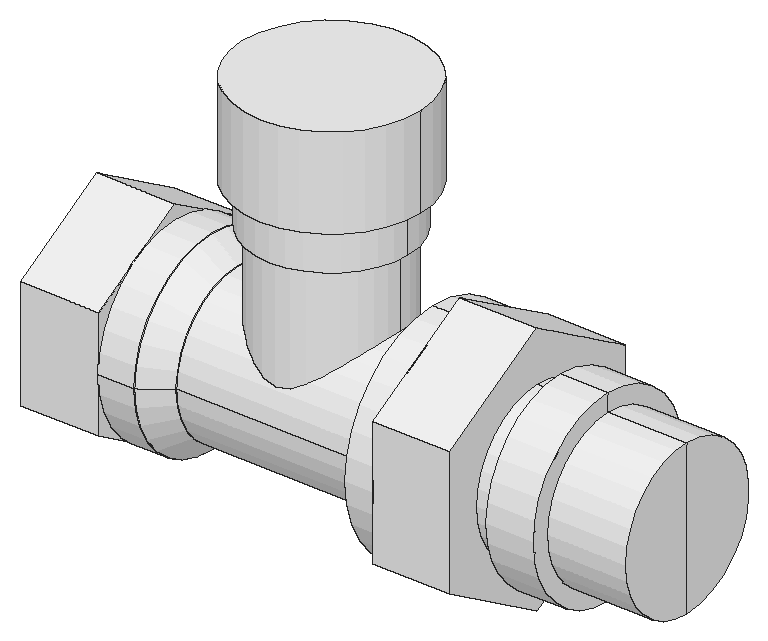
Revit family "1RLV-CX_Straight_DN15_RFA", category Pipe Accessories, Revit 2019
Family settings
  Round Connector Dimension = Use Diameter
  Part Type = Valve - Breaks Into
  OmniClass Number = 23.65.55.14.17
  OmniClass Title = Adjusting/Controlling Valves for Liquid Services
  Work Plane-Based = No
  Always vertical = Yes
  Cut with Voids When Loaded = No
  Shared = No
Parameters (values of type "RLV-CX_Straight_DN15_003L0274")
  X5 = -10.50 mm
  X2 = 39.20 mm
  X1__ve = -X1  # -10.67 mm
  X1 = 10.67 mm
  X = 11.50 mm
  Weight = 0.25 kg
  W2D = 10.00 mm
  W [instance] = 29.999 mm
  Valve Body Material = Danfoss Brass (Chrome plated)
  URL = "https://store.danfoss.com/en/Climate-Solutions-for-heating/Radiator-Thermostats/Lockshield-Valves/Lockshield-valves/c/6169?q=%3Arelevance%3Adanfoss_producttypehierarchydesc%3ARLV-CX&text="
  T2 = 5.70 mm
  S22 = 17.32 mm
  S11 = 15.13 mm
  R_thread1 = 15.00 mm
  RV1 = 10.47 mm
  RD5 = D5 / 2  # 10.50 mm
  RD2 = 9.50 mm
  RB = 15.00 mm
  R2 = 12.17 mm
  Pressure Drop [instance] = 0.0 Pa
  Model Type = "RLV-CX_Straight_DN15"
  Model = "003L0274"
  Max Operating Pressure = "10 bar"  # constant formula
  Max Medium Temperature = "120 ˚C"  # constant formula
  Manufacturer = "Danfoss"  # constant formula
  LOD 350 = not(LOD 200)  # yes
  LOD 200 = no
  LL2 = LL + LL1  # 60.10 mm
  LL1 = 28.10 mm
  LL = 32.00 mm
  L5 = 13.84 mm
  L4 = 3.53 mm
  L3 = 5.00 mm
  L2 = 20.50 mm
  L [instance] = 80.60 mm
  Kvs = 2.5 m³/h
  IfcExportType = "RLV-CX"  # constant formula
  IfcExportAs = "IfcValveType"  # constant formula
  HT = 38.20 mm
  H2 = 20.00 mm
  H [instance] = 55.52 mm
  Flow [instance] = 0.0 m³/h
  Description = "Lockshield Valve"  # constant formula
  D6 = 26.50 mm
  D5 = 21.00 mm
  D4 = 21.00 mm
  D2 = 19.00 mm
  D1 = 0.00 mm
  D = 15.00 mm
  CenSd_S22_6 = S22 * cos(30.00°)  # 15.00 mm
  CenSd_S11_6 = S11 * cos(30.00°)  # 13.103 mm
Reference planes
  plane 1 "Center (Front/Back)": y = 0
  plane 2 "XYPLANE": z = 0
  plane 3 "Center (Left/Right)": x = 0
  plane 4 "40": x = -21.33
  plane 5 "39": x = 0
  plane 6 "38": x = -32
  plane 7 "37": x = 28.1
  plane 8 "36": y = 0
  plane 9 "35": z = 0
  plane 10 "34": z = 20
  plane 11 "33": z = 25.7
  plane 12: x = 48.6
  plane 13: z = 38.2
  plane 14: x = -16.33
  plane 15: x = 13.84
Forms (mm)
  Extrusion 1, solid, material "Danfoss Brass (Chrome plated)" <- "Valve Body Material", visible <- "LOD 350", detail levels fine
    sketch origin (-750, 0, 0) x (1, 0, 0) y (0, 1, 0)
      loop
        circle (750, 0) r 9.5
    from 0 to 20 <- "H2"
  Extrusion 2, solid, material "Danfoss Brass (Chrome plated)" <- "Valve Body Material", visible <- "LOD 350", detail levels fine
    sketch origin (-21.33, -750, 0) x (0, 1, 0) y (0, 0, 1)
      loop
        circle (750, 0) r 10.5
    from 8.53 to 35.17
  Extrusion 3, solid, material "Danfoss Brass (Chrome plated)" <- "Valve Body Material", visible <- "LOD 350", detail levels fine
    sketch origin (28.1, -750, 0) x (0, 1, 0) y (0, 0, 1)
      loop
        line (750, 17.32) -> (735, 8.66) -> (735, -8.66) -> (750, -17.32) -> (765, -8.66) -> (765, 8.66) -> (750, 17.32)
    from 0 to -10.5 <- "X5"
  Extrusion 4, solid, material "Danfoss Brass (Chrome plated)" <- "Valve Body Material", visible <- "LOD 350", detail levels fine
    sketch origin (-32, -750, 0) x (0, 1, 0) y (0, 0, 1)
      loop
        line (750, 15.13) -> (736.897, 7.565) -> (736.897, -7.565) -> (750, -15.13) -> (763.103, -7.565) -> (763.103, 7.565) -> (750, 15.13)
    from 0 to 10.67 <- "X1"
  Extrusion 5, solid, material "Danfoss Brass (Chrome plated)" <- "Valve Body Material", visible <- "LOD 350", detail levels fine
    sketch origin (-750, 0, 20) x (1, 0, 0) y (0, 1, 0)
      loop
        circle (750, 0) r 10.5
    from 0 to 5.7 <- "T2"
  Extrusion 6, solid, material "Danfoss Brass (Chrome plated)" <- "Valve Body Material", visible <- "LOD 350", detail levels fine
    sketch origin (-750, 0, 25.7) x (1, 0, 0) y (0, 1, 0)
      loop
        circle (750, 0) r 12.17
    from 12.5 to 0
  Extrusion 7, solid, material "Danfoss Brass (Chrome plated)" <- "Valve Body Material", visible <- "LOD 200", detail levels fine
    sketch origin (28.1, -750, 0) x (0, 1, 0) y (0, 0, 1)
      loop
        circle (750, 0) r 10
    from 0 to -10
  Revolve 8, solid, material "Danfoss Brass (Chrome plated)" <- "Valve Body Material", detail levels fine
    sketch origin (0, 0, 0) x (1, 0, 0) y (0, 0, 1)
      loop
        line (28.1, 0) -> (48.6, 0) -> (48.6, 10.47) -> (28.1, 10.47) -> (28.1, 0)
      axis (28.1, 0) -> (48.6, 0)
    angle from 0 to 360
  Revolve 9, solid, material "Danfoss Brass (Chrome plated)" <- "Valve Body Material", visible <- "LOD 350", detail levels fine
    sketch origin (0, 0, 0) x (1, 0, 0) y (0, 0, 1)
      loop
        line (13.844, 0) -> (17.6, 0) -> (17.6, 15) -> (13.844, 15) -> (13.844, 0)
      axis (13.844, 0) -> (17.6, 0)
    angle from 0 to 360
  Extrusion 10, solid, material "Danfoss Brass (Chrome plated)" <- "Valve Body Material", visible <- "LOD 350", detail levels fine
    sketch origin (0, 0, 0) x (0, 1, 0) y (0, 0, 1)
      loop
        circle (0, 0) r 13.25
    from -21.33 to -16.33
  Blend 11, solid, material "Danfoss Brass (Chrome plated)" <- "Valve Body Material", visible <- "LOD 350", detail levels fine
    base sketch origin (0, 0, 0) x (0, 1, 0) y (0, 0, 1)
      loop
        circle (0, 0) r 13.25
    top sketch origin (0, 0, 0) x (0, 1, 0) y (0, 0, 1)
      loop
        circle (0, 0) r 10.5
    from -16.33 to -12.8
  Revolve 12, solid, material "Danfoss Brass (Chrome plated)" <- "Valve Body Material", visible <- "LOD 200", detail levels fine
    sketch origin (0, 0, 0) x (1, 0, 0) y (0, 0, 1)
      loop
        line (-32, 0) -> (28.1, 0) -> (28.1, 17.32) -> (17.6, 17.32) -> (17.6, 10.5) -> (-21.33, 10.5) -> (-21.33, 15) -> (-32, 15) -> (-32, 0)
      axis (-32, 0) -> (28.1, 0)
    angle from 0 to 360
  Revolve 13, solid, material "Danfoss Brass (Chrome plated)" <- "Valve Body Material", visible <- "LOD 200", detail levels fine
    sketch origin (0, 0, 0) x (1, 0, 0) y (0, 0, 1)
      loop
        line (0, 38.2) -> (0, 0) -> (9.5, 0) -> (9.5, 20) -> (12.17, 20) -> (12.17, 38.2) -> (0, 38.2)
      axis (0, 38.2) -> (0, 0)
    angle from 0 to 360
  Revolve 14, solid, material "Danfoss Brass (Chrome plated)" <- "Valve Body Material", visible <- "LOD 350", detail levels fine
    sketch origin (0, 0, 0) x (1, 0, 0) y (0, 0, 1)
      loop
        line (31.3, 0) -> (37.8, 0) -> (37.8, 12.751) -> (31.3, 12.751) -> (31.3, 0)
      axis (31.3, 0) -> (37.8, 0)
    angle from 0 to 360
Lines and regions (mm)
  reference lines, not visible
    curve 1: circle (2, 2, 0) r 1 normal (0, 0, 1)
  reference lines
    curve 2: line (28.1, 0, 0) -> (28.1, 5.846, -3.375)
    curve 3: line (28.1, 0, 0) -> (28.1, 0, -6.75)
    curve 4: line (28.1, 0, 0) -> (28.1, -5.846, -3.375)
    curve 5: line (-32, 0, 0) -> (-32, -4.763, -2.75)
    curve 6: line (-32, 0, 0) -> (-32, 0, -5.5)
    curve 7: line (-32, 0, 0) -> (-32, 4.763, -2.75)
Dimensions and locks
  plane 1 "Center (Front/Back)" to curve 1 = 2.00 mm
  "X1": plane 6 "38" to plane 4 "40"
  locked: plane 3 "Center (Left/Right)" to plane 5 "39"
  "LL": plane 3 "Center (Left/Right)" to plane 6 "38"
  "LL1": plane 3 "Center (Left/Right)" to plane 7 "37"
  locked: plane 1 "Center (Front/Back)" to plane 8 "36"
  locked: plane 2 "XYPLANE" to plane 9 "35"
  "H2": plane 2 "XYPLANE" to plane 10 "34"
  "T2": plane 10 "34" to plane 11 "33"
  "CenSd_S22_6": curve 2 to Extrusion 3 sketch curve  (x2)
  "CenSd_S22_6": curve 3 to Extrusion 3 sketch curve  (x2)
  "CenSd_S22_6": curve 4 to Extrusion 3 sketch curve  (x2)
  "CenSd_S11_6": curve 5 to Extrusion 4 sketch curve  (x2)
  "CenSd_S11_6": curve 6 to Extrusion 4 sketch curve  (x2)
  "CenSd_S11_6": curve 7 to Extrusion 4 sketch curve  (x2)
  plane 7 "37" to plane 6 "38" = 60.10 mm
  Extrusion 6 to level = 25.70 mm
  "L2": plane 12 to plane 7 "37"
  "RV1": Revolve 8 sketch curve to level
  "HT": plane 13 to level
  plane 7 "37" to plane 3 "Center (Left/Right)" = 28.10 mm
  Revolve 9 sketch curve to Extrusion 3 = 3.756 mm
  "RB": Revolve 9 sketch curve to level
  "L3": plane 14 to plane 4 "40"
  "L4": plane 14 to Blend 11
  "L5": plane 15 to plane 3 "Center (Left/Right)"
  Revolve 9 to plane 3 "Center (Left/Right)" = 13.844 mm
  "RD5": Revolve 12 sketch curve to Revolve 12 sketch curve
  "R_thread1": Revolve 12 sketch curve to level
  plane 7 "37" to Revolve 9 = 10.50 mm
  "R2": Revolve 13 sketch curve to plane 5 "39"
  "RD2": Revolve 13 sketch curve to plane 5 "39"
  "L": plane 12 to plane 6 "38"
  "H": plane 13 to Extrusion 3
  "W": Extrusion 3 to Extrusion 3
  Revolve 14 sketch curve to level = 12.751 mm
  Revolve 14 sketch curve to plane 7 "37" = 9.70 mm
  "D2": diameter of Extrusion 1 sketch curve
  "D5": diameter of Extrusion 2 sketch curve
  "D4": diameter of Extrusion 5 sketch curve
  "R2": radius of Extrusion 6 sketch curve
  "D6": diameter of Extrusion 10 sketch curve
  "D6": diameter of Blend 11 sketch curve
  "D5": diameter of Blend 11 sketch curve
  locked: curve 3 to curve 2 (angle 60.00°)
  locked: curve 4 to curve 3 (angle 60.00°)
  locked: curve 4 to curve 2 (angle 120.00°)
  locked: curve 6 to curve 5 (angle 60.00°)
  locked: curve 7 to curve 6 (angle 60.00°)
  locked: curve 7 to curve 5 (angle 120.00°)
  aligned and locked: level to plane 2 "XYPLANE"
  aligned and locked: plane 5 "39" to Extrusion 1 sketch curve
  aligned and locked: plane 8 "36" to Extrusion 1 sketch curve
  aligned and locked: Extrusion 2 sketch curve to plane 8 "36"
  aligned and locked: curve 4 to plane 8 "36"
  aligned and locked: plane 9 "35" to curve 4
  aligned and locked: curve 7 to plane 8 "36"
  aligned and locked: plane 9 "35" to curve 7
  aligned and locked: plane 5 "39" to Extrusion 5 sketch curve
  aligned and locked: plane 8 "36" to Extrusion 5 sketch curve
  aligned and locked: plane 5 "39" to Extrusion 6 sketch curve
  aligned and locked: plane 8 "36" to Extrusion 6 sketch curve
  aligned and locked: Extrusion 7 sketch curve to plane 8 "36"
  aligned and locked: plane 9 "35" to Extrusion 7 sketch curve
  aligned and locked: Revolve 8 sketch curve to level  (x2)
  aligned and locked: Revolve 8 sketch curve to plane 7 "37"
  aligned and locked: Revolve 8 sketch curve to plane 12
  aligned and locked: Extrusion 6 to plane 11 "33"
  aligned and locked: plane 13 to Extrusion 6
  aligned and locked: Revolve 9 sketch curve to level  (x2)
  aligned and locked: Extrusion 3 to Revolve 9 sketch curve
  aligned and locked: Extrusion 10 to plane 4 "40"
  aligned and locked: Extrusion 10 to plane 14
  aligned and locked: plane 14 to Blend 11
  aligned and locked: Extrusion 2 to Blend 11
  aligned and locked: plane 15 to Extrusion 2
  aligned and locked: nested 1 to plane 8 "36"
  aligned and locked: nested 1 to plane 6 "38"
  aligned and locked: Revolve 12 sketch curve to level  (x2)
  aligned and locked: Revolve 12 sketch curve to plane 6 "38"
  aligned and locked: Revolve 12 sketch curve to plane 4 "40"
  aligned and locked: Revolve 12 sketch curve to Revolve 9
  aligned and locked: Revolve 12 sketch curve to plane 7 "37"
  aligned and locked: Revolve 12 sketch curve to Extrusion 3
  aligned and locked: Revolve 13 sketch curve to plane 13
  aligned and locked: Revolve 13 sketch curve to plane 5 "39"  (x2)
  aligned and locked: Revolve 13 sketch curve to level
  aligned and locked: Revolve 13 sketch curve to plane 10 "34"
  aligned and locked: Revolve 14 sketch curve to level  (x2)
Automatic sketch dimensions
  plane 1 "Center (Front/Back)" to Extrusion 7 sketch curve = 10.00 mm
  plane 3 "Center (Left/Right)" to curve 1 = 2.00 mm
  plane 7 "37" to Revolve 14 sketch curve = 3.20 mm
  Revolve 14 sketch curve to plane 6 "38" = 1319.99 mm
  plane 12 to Revolve 14 sketch curve = 1850.383 mm
  Extrusion 2 sketch curve to level = 0.00 mm
  Revolve 8 sketch curve to plane 6 "38" = 1324.99 mm
  plane 12 to Revolve 8 sketch curve = 1849.983 mm
  Revolve 9 sketch curve to plane 6 "38" = 1324.99 mm
  plane 12 to Revolve 9 sketch curve = 1850.483 mm
  Extrusion 10 sketch curve to level = 0.00 mm
  Extrusion 10 sketch curve to plane 1 "Center (Front/Back)" = 0.00 mm
  Blend 11 sketch curve to level = 0.00 mm  (x2)
  Blend 11 sketch curve to plane 1 "Center (Front/Back)" = 0.00 mm  (x2)
  Revolve 12 sketch curve to plane 6 "38" = 1318.39 mm
  plane 12 to Revolve 12 sketch curve = 1839.983 mm
  Revolve 13 sketch curve to level = 0.00 mm
  plane 13 to Revolve 13 sketch curve = 9105.00 mm
  radius of curve 1 = 1.00 mm
Nested families
  nested 1: "Schematic_Lockshield Valve_Straight" at (-1.95, 0, 0), type "Schematic_Lockshield Valve_Straight", detail levels coarse+medium
Connectors
  piping at (28.1, 0, 0), diameter 15, driven by "D", driven by "Flow"
    settings: on Extrusion 7, index 2, connector inside diameter 609.6 mm, connector length 0.00 mm, flow factor 0, pipe flow 0.0 m³/h, pressure drop 0.0 Pa, fitting loss kfactor 0, connector angle 0.00°, fixture units 0, engagement length 0.00 mm, angle of deflection 0.00°, flow configuration 0, flow direction 0, fitting loss method 0, system type 29, joint type 0, gender type 0, connector reference index 3, connector utility 0, adjustable connector no, is connector primary yes, connector description ""
  piping at (-32, 0, 0), diameter 15, driven by "D", driven by "Flow"
    settings: on Extrusion 4, index 3, connector inside diameter 609.6 mm, connector length 0.00 mm, flow factor 0, pipe flow 0.0 m³/h, pressure drop 0.0 Pa, fitting loss kfactor 0, connector angle 0.00°, fixture units 0, engagement length 0.00 mm, angle of deflection 0.00°, flow configuration 0, flow direction 0, fitting loss method 0, system type 29, joint type 0, gender type 0, connector reference index 2, connector utility 0, adjustable connector no, is connector primary no, connector description ""
Definition of nested family "Schematic_Lockshield Valve_Straight"
  Parameters (values of type "Schematic_Lockshield Valve_Straight")
    L = 57.00 mm
    H1 = H / 2  # 22.80 mm
    H = 45.60 mm
    D = 22.60 mm
  Reference planes
    plane 1 "Center (Front/Back)": y = 0
    plane 2: z = 0
    plane 3 "Center (Left/Right)": x = 0
    plane 4: x = 28.5
    plane 5: y = 45.6
    plane 6: y = 11.3
    plane 7: y = -11.3
    plane 8: z = 11.3
    plane 9: z = -11.3
    plane 10: z = 45.6
    plane 11: z = 45.6
    plane 12: x = -11.4
    plane 13: x = 11.4
    plane 14: x = -28.5
  Lines and regions (mm)
    model lines
      curve 1: line (0, 0, 0) -> (28.5, 0, 11.3)
      curve 2: line (28.5, 0, 11.3) -> (28.5, 0, -11.3)
      curve 3: line (28.5, 0, -11.3) -> (0, 0, 0)
      curve 4: line (0, 0, 0) -> (0, 0, 45.6)
      curve 5: line (-11.4, 0, 45.6) -> (11.4, 0, 45.6)
      curve 6: line (0, 0, 0) -> (-28.5, 0, 11.3)
      curve 7: line (-28.5, 0, 11.3) -> (-28.5, 0, -11.3)
      curve 8: line (-28.5, 0, -11.3) -> (0, 0, 0)
    symbolic lines
      curve 9: line (28.5, 11.3, 0) -> (28.5, -11.3, 0)
      curve 10: line (11.4, 45.6, 0) -> (-11.4, 45.6, 0)
      curve 11: line (0, 45.6, 0) -> (0, 0, 0)
      curve 12: line (0, 0, 0) -> (28.5, 11.3, 0)
      curve 13: line (28.5, -11.3, 0) -> (0, 0, 0)
      curve 14: line (-28.5, 11.3, 0) -> (-28.5, -11.3, 0)
      curve 15: line (0, 0, 0) -> (-28.5, 11.3, 0)
      curve 16: line (-28.5, -11.3, 0) -> (0, 0, 0)
  Dimensions and locks
    equal spacing: plane 7, plane 1 "Center (Front/Back)", plane 6
    equal spacing: plane 8, level, plane 9
    "D": plane 8 to plane 9
    "L": plane 4 to plane 14
    equal spacing: plane 4, plane 3 "Center (Left/Right)", plane 14
    "H1": plane 13 to plane 12
    equal spacing: plane 13, plane 3 "Center (Left/Right)", plane 12
    "D": plane 7 to plane 6
    "H": plane 11 to level
    "H": plane 1 "Center (Front/Back)" to plane 5
    aligned and locked: level to plane 2
    aligned and locked: curve 2 to plane 4
    aligned and locked: plane 3 "Center (Left/Right)" to curve 4
    aligned and locked: curve 5 to plane 11
    aligned and locked: curve 7 to plane 14
    aligned and locked: curve 10 to plane 5
  Automatic sketch dimensions
    curve 8 to plane 9 = 0.00 mm
    curve 2 to plane 9 = 0.00 mm
    curve 1 to level = 0.00 mm
    curve 2 to plane 8 = 0.00 mm
    curve 7 to plane 8 = 0.00 mm
    curve 5 to plane 13 = 0.00 mm
    curve 5 to plane 12 = 0.00 mm
    plane 7 to curve 16 = 0.00 mm
    curve 16 to plane 14 = 0.00 mm
    plane 1 "Center (Front/Back)" to curve 11 = 0.00 mm
    curve 11 to plane 3 "Center (Left/Right)" = 0.00 mm
    curve 12 to plane 4 = 0.00 mm
    plane 7 to curve 9 = 0.00 mm
    plane 6 to curve 9 = 0.00 mm
    plane 6 to curve 14 = 0.00 mm
    curve 10 to plane 13 = 0.00 mm
    curve 10 to plane 12 = 0.00 mm
